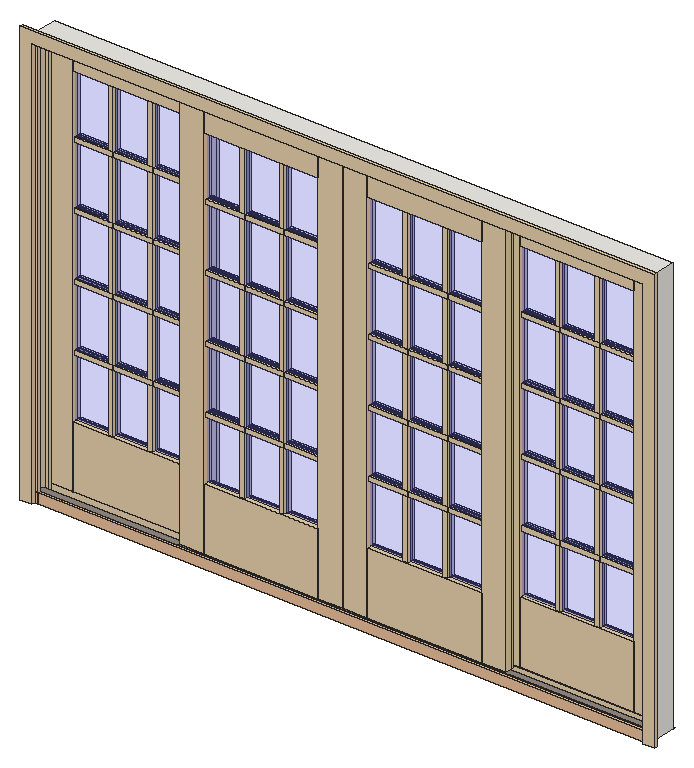
Revit family "Door-Gliding-Andersen-E_Series-Quad", category Doors, host Wall, Revit 2019 (continued)
Dimensions and locks (in)
  aligned and locked: plane 32 "T Casing 4" to curve 117
  aligned and locked: plane 13 "Casing S1" to curve 128
  aligned and locked: plane 10 "Flange" to curve 128
  aligned and locked: plane 54 "Frame S2 Ext" to curve 129
  aligned and locked: plane 9 "Frame S2" to curve 129
  aligned and locked: plane 20 "R Casing 4" to curve 128
  aligned and locked: plane 3 "R Frame" to curve 129
  aligned and locked: plane 13 "Casing S1" to curve 130
  aligned and locked: plane 10 "Flange" to curve 130
  aligned and locked: plane 54 "Frame S2 Ext" to curve 131
  aligned and locked: plane 9 "Frame S2" to curve 131
  aligned and locked: plane 4 "L Frame" to curve 131
  aligned and locked: plane 23 "L Casing 4" to curve 130
  aligned and locked: plane 13 "Casing S1" to curve 132
  aligned and locked: plane 10 "Flange" to curve 132
  aligned and locked: plane 9 "Frame S2" to curve 133
  aligned and locked: plane 5 "T Frame" to curve 133
  aligned and locked: plane 13 "Casing S1" to curve 4
  aligned and locked: plane 32 "T Casing 4" to curve 132
  aligned and locked: plane 4 "L Frame" to Masking region 8 sketch curve
  aligned and locked: plane 5 "T Frame" to Masking region 8 sketch curve
  aligned and locked: Masking region 8 sketch curve to plane 3 "R Frame"
Automatic sketch dimensions
  curve 15 to curve 17 = 0' - 0.988"
  curve 16 to curve 17 = 0' - 1.84113"
  curve 17 to curve 42 = 0' - 0 33/64"
  curve 19 to curve 45 = 0' - 2.0615"
  curve 43 to curve 21 = 0' - 0 1/2"
  curve 21 to curve 17 = 0' - 0 3/4"
  curve 43 to curve 17 = 0' - 0"
  curve 43 to curve 45 = 0' - 0.563"
  curve 42 to curve 42 = 0' - 0 5/8"
  curve 16 to curve 15 = 0' - 0 3/4"
  curve 46 to curve 15 = 0' - 1.08388"
  curve 22 to curve 21 = 0' - 0.21034"
  curve 34 to curve 36 = 0' - 0.988"
  curve 35 to curve 36 = 0' - 1.84113"
  curve 36 to curve 47 = 0' - 0 33/64"
  curve 38 to curve 50 = 0' - 2.0615"
  curve 48 to curve 40 = 0' - 0 1/2"
  curve 40 to curve 36 = 0' - 0 3/4"
  curve 48 to curve 36 = 0' - 0"
  curve 48 to curve 50 = 0' - 0.563"
  curve 47 to curve 47 = 0' - 0 5/8"
  curve 35 to curve 34 = 0' - 0 3/4"
  curve 51 to curve 34 = 0' - 1.08388"
  curve 41 to curve 40 = 0' - 0.21034"
  curve 54 to curve 52 = 0' - 0.988"
  curve 54 to curve 53 = 0' - 1.84113"
  curve 60 to curve 54 = 0' - 0 33/64"
  curve 63 to curve 56 = 0' - 2.0615"
  curve 58 to curve 61 = 0' - 0 1/2"
  curve 58 to curve 54 = 0' - 0 3/4"
  curve 61 to curve 54 = 0' - 0"
  curve 61 to curve 63 = 0' - 0.563"
  curve 60 to curve 60 = 0' - 0 5/8"
  curve 53 to curve 52 = 0' - 0 3/4"
  curve 64 to curve 52 = 0' - 1.08388"
  curve 58 to curve 59 = 0' - 0.21034"
  curve 29 to curve 85 = 0' - 0 1/2"
  curve 85 to curve 23 = 0' - 2.0615"
  curve 23 to curve 23 = 0' - 0 33/64"
  curve 24 to curve 25 = 0' - 2.21925"
  curve 25 to curve 30 = 0' - 0.39954"
  curve 25 to curve 87 = 0' - 0.60988"
  curve 26 to curve 83 = 0' - 0 1/8"
  curve 23 to curve 86 = 0' - 0.062"
  curve 26 to curve 26 = 0' - 0 3/4"
  curve 85 to curve 85 = 0' - 0.563"
  curve 25 to curve 87 = 0' - 0.33388"
  curve 28 to curve 87 = 0' - 0.41612"
  curve 81 to curve 90 = 0' - 0 1/2"
  curve 90 to curve 75 = 0' - 2.0615"
  curve 75 to curve 75 = 0' - 0 33/64"
  curve 76 to curve 77 = 0' - 2.21925"
  curve 77 to curve 82 = 0' - 0.39954"
  curve 77 to curve 92 = 0' - 0.60988"
  curve 78 to curve 88 = 0' - 0 1/8"
  curve 75 to curve 91 = 0' - 0.062"
  curve 78 to curve 78 = 0' - 0 3/4"
  curve 90 to curve 90 = 0' - 0.563"
  curve 77 to curve 92 = 0' - 0.33388"
  curve 80 to curve 92 = 0' - 0.41612"
  curve 67 to curve 68 = 0' - 0.65447"
  curve 68 to curve 70 = 0' - 1.31268"
  curve 71 to curve 65 = 0' - 1.82508"
  curve 65 to curve 65 = 0' - 1.05261"
  curve 93 to curve 71 = 0' - 0.06458"
  curve 65 to curve 65 = 0' - 0.05976"
  curve 65 to curve 73 = 0' - 0.13918"
  curve 71 to curve 71 = 0' - 0.12708"
  curve 71 to curve 72 = 0' - 0 1/8"
  curve 72 to curve 72 = 0' - 0.08478"
  curve 70 to curve 67 = 0' - 1.24271"
  curve 70 to curve 70 = 0' - 1.28489"
  curve 68 to curve 69 = 0' - 0.13398"
  curve 66 to curve 65 = 0' - 0.09649"
  curve 67 to curve 67 = 0' - 1 7/8"
  curve 72 to curve 95 = 0' - 1.60869"
  curve 69 to curve 94 = 0' - 1.21767"
  curve 9 to curve 67 = 0' - 0"
  curve 93 to curve 9 = 0' - 1 15/128"
  curve 93 to curve 9 = 0' - 0"
  curve 10 to curve 67 = 0' - 0"
  curve 8 to curve 66 = 0' - 0"
  curve 96 to curve 96 = 0' - 5 29/32"
  curve 97 to curve 97 = 0' - 5 29/32"
  curve 7 to curve 7 = 0' - 5 29/32"
  curve 103 to curve 104 = 0' - 0.65447"
  curve 104 to curve 106 = 0' - 1.31268"
  curve 107 to curve 101 = 0' - 1.82508"
  curve 101 to curve 101 = 0' - 1.05261"
  curve 111 to curve 107 = 0' - 0.06458"
  curve 101 to curve 101 = 0' - 0.05976"
  curve 101 to curve 109 = 0' - 0.13918"
  curve 107 to curve 107 = 0' - 0.12708"
  curve 107 to curve 108 = 0' - 0 1/8"
  curve 108 to curve 108 = 0' - 0.08478"
  curve 106 to curve 103 = 0' - 1.24271"
  curve 106 to curve 106 = 0' - 1.28489"
  curve 104 to curve 105 = 0' - 0.13398"
  curve 102 to curve 101 = 0' - 0.09649"
  curve 103 to curve 103 = 0' - 1 7/8"
  curve 108 to curve 113 = 0' - 1.60869"
  curve 105 to curve 112 = 0' - 1.21767"
  curve 99 to curve 103 = 0' - 0"
  curve 111 to curve 99 = 0' - 1 15/128"
  curve 111 to curve 99 = 0' - 0"
  curve 100 to curve 103 = 0' - 0"
  curve 98 to curve 102 = 0' - 0"
  Sweep 8 sketch curve to level = 0' - 0"  (x2)
  profile plane to Sweep 8 sketch curve = 0' - 0 3/4"
  profile plane to Sweep 12 sketch curve = 0' - 1.85627"
  Sweep 12 sketch curve to Sweep 12 sketch curve = 0' - 1.73369"
  Split face 1 sketch curve to Sweep 12 = 0' - 0"
  Split face 1 sketch curve to Sweep 12 = 0' - 1.83234"
  Split face 3 sketch curve to Sweep 10 = 0' - 0"  (x2)
  Split face 4 sketch curve to Sweep 10 = 0' - 0"
  Sweep 10 to Split face 4 sketch curve = 0' - 0"
  Sweep 10 to Split face 5 sketch curve = 0' - 0"
  Split face 5 sketch curve to Sweep 10 = 0' - 0"
  Split face 6 sketch curve to Sweep 10 = 0' - 0"  (x2)
  Split face 7 sketch curve to Sweep 8 = 0' - 0"
  Sweep 8 to Split face 7 sketch curve = 0' - 0"
  Sweep 8 to Split face 8 sketch curve = 0' - 0"  (x2)
  Split face 9 sketch curve to Sweep 8 = 0' - 0"  (x2)
  Split face 10 sketch curve to Sweep 8 = 0' - 0"
  Sweep 8 to Split face 10 sketch curve = 0' - 0"
  Split face 11 sketch curve to Sweep 8 = 0' - 0"  (x2)
  Split face 12 sketch curve to Sweep 8 = 0' - 0"  (x2)
  profile plane to Sweep 7 sketch curve = 0' - 1 3/8"
  profile plane to Sweep 7 sketch curve = 0' - 1.313"
  Sweep 7 sketch curve to plane 10 "Flange" = 0' - 4 1/16"
  profile plane to Sweep 7 sketch curve = 0' - 0.41612"
  plane 10 "Flange" to Sweep 7 sketch curve = 0' - 0.35575"
  Sweep 7 sketch curve to Sweep 7 sketch curve = 0' - 0.21034"
  curve 121 to plane 11 "Frame S1" = 0' - 0"
  curve 33 to plane 3 "R Frame" = 0' - 0"
  curve 12 to plane 3 "R Frame" = 0' - 0"
  curve 115 to plane 3 "R Frame" = 0' - 0"
  curve 33 to plane 36 "R Xjamb 1" = 0' - 0"
  curve 12 to plane 17 "R Casing 1" = 0' - 0 1/8"
  Sweep 9 sketch curve to profile plane = 0' - 0.09649"
  Sweep 9 sketch curve to plane 10 "Flange" = 0' - 3.94709"
  Sweep 9 sketch curve to profile plane = 0' - 0 5/32"
  Sweep 9 sketch curve to Sweep 9 sketch curve = 0' - 0.13918"
  Sweep 9 sketch curve to profile plane = 0' - 0.42251"
  Sweep 9 sketch curve to Sweep 9 sketch curve = 0' - 0 1/8"
  Sweep 9 sketch curve to profile plane = 0' - 0.63229"
  Sweep 9 sketch curve to Sweep 9 sketch curve = 0' - 1.28489"
  Sweep 9 sketch curve to Sweep 9 sketch curve = 0' - 0.13398"
  Sweep 9 sketch curve to Sweep 9 sketch curve = 0' - 1.31268"
  plane 10 "Flange" to Sweep 9 sketch curve = 0' - 0.40833"
  curve 32 to level = 0' - 0"
  curve 31 to level = 0' - 0"
  curve 119 to plane 46 "B Panel" = 0' - 0"
  curve 31 to plane 46 "B Panel" = 0' - 0"
  Sweep 13 sketch curve to profile plane = 0' - 0"
  Sweep 13 sketch curve to plane 10 "Flange" = 0' - 1.41675"
  Sweep 13 sketch curve to profile plane = 0' - 1.73369"
  plane 10 "Flange" to Sweep 13 sketch curve = 0' - 0 11/32"
  Sweep 13 sketch curve to Sweep 13 sketch curve = 0' - 0.12258"
  Split face 2 sketch curve to Sweep 13 = 0' - 0"
  Split face 2 sketch curve to Sweep 13 = 0' - 0 3/8"
  Split face 2 sketch curve to Split face 2 sketch curve = 0' - 1.83234"
  Split face 13 sketch curve to Sweep 7 = 0' - 0"
  Sweep 7 to Split face 13 sketch curve = 0' - 0"
  Split face 14 sketch curve to Sweep 7 = 0' - 0"  (x2)
  Split face 15 sketch curve to Sweep 7 = 0' - 0"  (x2)
  curve 116 to plane 10 "Flange" = 0' - 0"
  curve 14 to level = 0' - 0"
  curve 14 to plane 57 "Sill Interior" = 0' - 0"
  curve 14 to plane 58 "Sill Exterior" = 0' - 0"
  plane 30 "T Casing 2" to curve 1 = 0' - 0"
  curve 3 to plane 11 "Frame S1" = 0' - 0"
  curve 11 to plane 11 "Frame S1" = 0' - 0"
  plane 31 "T Casing 3" to curve 1 = 0' - 0"
  level to curve 119 = 0' - 0.29543"
Nested families (in)
  nested 1: "Gliding_Panel" at (42.8122, -0.25, 2.1562), Width <- "Panel Width", Height <- "Panel Height", Between Glass Grille Bar Finish <- "Between Glass Grille Bar Finish", Exterior Grille Bar Finish <- "Exterior Grille Bar Finish", Between Glass Grille Bar Visibility <- "Between Glass Grille Bar Visibility", Exterior Grille Bar Visibility <- "Exterior Grille Bar Visibility", Interior Grille Bar Visibility <- "Interior Grille Bar Visibility", . . Lights Wide <- ". . Lights Wide", . . Top Glass Lights High <- ". . Top Light Lights High", . . Bottom Glass Lights High <- ". . Bottom Light Lights High", . . .Lights Wide <- ". . .Lights Wide", . . .Lights High <- ". . .Lights High", . . .Bottom Bar Location <- ". . .Bottom Bar Location", . . .Bottom Bar Size <- ". . .Bottom Bar Size", Enter Pattern Number <- "Enter Pattern Number", Grille Bar Size <- "Grille Bar Size", Exterior Panel Finish <- "Exterior Panel Finish", Glazing <- "Glazing Material", Interior Material <- "Interior Material", type <- "Panel Type", Right Jamb Material <- "Exterior Panel Finish", Left Jamb Material <- "Exterior Panel Finish", type "SP2"
    with Width 2' - 7 1/4", VGB DLO 0' - 6.7084", V Bars 2, TS V DLO 5' - 0 3/16", TS V Bar Length 5' - 0 3/16", TS SH DLO 2' - 10 25/32", TS S V no, TS S H Craftsman no, TS S H no, TS M V yes, TS M H yes, TS HGB DLO 0' - 11.3375", TS H Bars 4, Right Jamb Material Aluminum - Andersen - Painted - White, Left Jamb Material Aluminum - Andersen - Painted - White, LW 3, Is Outswing no, Is Inswing no, Is Gliding no, Interior Material Wood - Andersen - Pine, Interior Grille Bar Visibility yes, Horizontal Craftsman Bar Size 0' - 0 7/8", Hinge "", Height 6' - 4 7/8", H DLO 1' - 9.8752", Grille Bar Size 0' - 0 7/8", Glazing Glass ‐ Andersen - Low-E4 SmartSun, Exterior Panel Finish Aluminum - Andersen - Painted - White, Exterior Grille Bar Visibility yes, Exterior Grille Bar Finish Aluminum - Andersen - Painted - White, Enter Pattern Number 1, CTRL Elevation Swing Visibility no, Between Glass Grille Bar Visibility yes, Between Glass Grille Bar Finish Stainless Steel - Andersen - Standard, BS V DLO 1' - 8 11/32", BS SH DLO 1' - 10 11/64", BS S V no, BS S H no, BS M V no, BS M H no, BS HGB DLO 0' - 5", BS H Bars 2, . . Top Glass Lights High 5, . . Lights Wide 3, . . Bottom Glass Lights High 2, . . .Lights Wide 3, . . .Lights High 1, . . .Bottom Bar Size 0' - 0 7/8", . . .Bottom Bar Location 1' - 0", Top Rail Size 0' - 4 11/16", Stile Size 0' - 4.6874", Middle Rail Size 0' - 5 5/16", Bottom Rail Size 1' - 0"
  nested 2: "Gliding_Panel" at (-15.625, -2.76125, 2.1562) x (-1, 0, 0) z (0, 0, 1), Width <- "Panel Width", Height <- "Panel Height", Between Glass Grille Bar Finish <- "Between Glass Grille Bar Finish", Exterior Grille Bar Finish <- "Exterior Grille Bar Finish", Between Glass Grille Bar Visibility <- "Between Glass Grille Bar Visibility", Exterior Grille Bar Visibility <- "Exterior Grille Bar Visibility", Interior Grille Bar Visibility <- "Interior Grille Bar Visibility", . . Lights Wide <- ". . Lights Wide", . . Top Glass Lights High <- ". . Top Light Lights High", . . Bottom Glass Lights High <- ". . Bottom Light Lights High", . . .Lights Wide <- ". . .Lights Wide", . . .Lights High <- ". . .Lights High", . . .Bottom Bar Location <- ". . .Bottom Bar Location", . . .Bottom Bar Size <- ". . .Bottom Bar Size", Enter Pattern Number <- "Enter Pattern Number", Grille Bar Size <- "Grille Bar Size", Is Gliding <- "Is Gliding", Exterior Panel Finish <- "Exterior Panel Finish", Glazing <- "Glazing Material", Interior Material <- "Interior Material", type <- "Panel Type", Left Jamb Material <- "Interior Material", Right Jamb Material <- "Interior Material", type "SP2"
    with Width 2' - 7 1/4", VGB DLO 0' - 6.7084", V Bars 2, TS V DLO 5' - 0 3/16", TS V Bar Length 5' - 0 3/16", TS SH DLO 2' - 10 25/32", TS S V no, TS S H Craftsman no, TS S H no, TS M V yes, TS M H yes, TS HGB DLO 0' - 11.3375", TS H Bars 4, Right Jamb Material Wood - Andersen - Pine, Left Jamb Material Wood - Andersen - Pine, LW 3, Is Outswing no, Is Inswing no, Is Gliding yes, Interior Material Wood - Andersen - Pine, Interior Grille Bar Visibility yes, Horizontal Craftsman Bar Size 0' - 0 7/8", Hinge "", Height 6' - 4 7/8", H DLO 1' - 9.8752", Grille Bar Size 0' - 0 7/8", Glazing Glass ‐ Andersen - Low-E4 SmartSun, Exterior Panel Finish Aluminum - Andersen - Painted - White, Exterior Grille Bar Visibility yes, Exterior Grille Bar Finish Aluminum - Andersen - Painted - White, Enter Pattern Number 1, CTRL Elevation Swing Visibility no, Between Glass Grille Bar Visibility yes, Between Glass Grille Bar Finish Stainless Steel - Andersen - Standard, BS V DLO 1' - 8 11/32", BS SH DLO 1' - 10 11/64", BS S V no, BS S H no, BS M V no, BS M H no, BS HGB DLO 0' - 5", BS H Bars 2, . . Top Glass Lights High 5, . . Lights Wide 3, . . Bottom Glass Lights High 2, . . .Lights Wide 3, . . .Lights High 1, . . .Bottom Bar Size 0' - 0 7/8", . . .Bottom Bar Location 1' - 0", Top Rail Size 0' - 4 11/16", Stile Size 0' - 4.6874", Middle Rail Size 0' - 5 5/16", Bottom Rail Size 1' - 0"
  nested 3: "Gliding_Panel" at (-42.8125, -0.25, 2.1562) x (-1, 0, 0) z (0, 0, 1), Width <- "Panel Width", Height <- "Panel Height", Between Glass Grille Bar Finish <- "Between Glass Grille Bar Finish", Exterior Grille Bar Finish <- "Exterior Grille Bar Finish", Between Glass Grille Bar Visibility <- "Between Glass Grille Bar Visibility", Exterior Grille Bar Visibility <- "Exterior Grille Bar Visibility", Interior Grille Bar Visibility <- "Interior Grille Bar Visibility", . . Lights Wide <- ". . Lights Wide", . . Top Glass Lights High <- ". . Top Light Lights High", . . Bottom Glass Lights High <- ". . Bottom Light Lights High", . . .Lights Wide <- ". . .Lights Wide", . . .Lights High <- ". . .Lights High", . . .Bottom Bar Location <- ". . .Bottom Bar Location", . . .Bottom Bar Size <- ". . .Bottom Bar Size", Enter Pattern Number <- "Enter Pattern Number", Grille Bar Size <- "Grille Bar Size", Exterior Panel Finish <- "Exterior Panel Finish", Glazing <- "Glazing Material", Interior Material <- "Interior Material", type <- "Panel Type", Right Jamb Material <- "Exterior Panel Finish", Left Jamb Material <- "Exterior Panel Finish", type "SP2"
    with Width 2' - 7 1/4", VGB DLO 0' - 6.7084", V Bars 2, TS V DLO 5' - 0 3/16", TS V Bar Length 5' - 0 3/16", TS SH DLO 2' - 10 25/32", TS S V no, TS S H Craftsman no, TS S H no, TS M V yes, TS M H yes, TS HGB DLO 0' - 11.3375", TS H Bars 4, Right Jamb Material Aluminum - Andersen - Painted - White, Left Jamb Material Aluminum - Andersen - Painted - White, LW 3, Is Outswing no, Is Inswing no, Is Gliding no, Interior Material Wood - Andersen - Pine, Interior Grille Bar Visibility yes, Horizontal Craftsman Bar Size 0' - 0 7/8", Hinge "", Height 6' - 4 7/8", H DLO 1' - 9.8752", Grille Bar Size 0' - 0 7/8", Glazing Glass ‐ Andersen - Low-E4 SmartSun, Exterior Panel Finish Aluminum - Andersen - Painted - White, Exterior Grille Bar Visibility yes, Exterior Grille Bar Finish Aluminum - Andersen - Painted - White, Enter Pattern Number 1, CTRL Elevation Swing Visibility no, Between Glass Grille Bar Visibility yes, Between Glass Grille Bar Finish Stainless Steel - Andersen - Standard, BS V DLO 1' - 8 11/32", BS SH DLO 1' - 10 11/64", BS S V no, BS S H no, BS M V no, BS M H no, BS HGB DLO 0' - 5", BS H Bars 2, . . Top Glass Lights High 5, . . Lights Wide 3, . . Bottom Glass Lights High 2, . . .Lights Wide 3, . . .Lights High 1, . . .Bottom Bar Size 0' - 0 7/8", . . .Bottom Bar Location 1' - 0", Top Rail Size 0' - 4 11/16", Stile Size 0' - 4.6874", Middle Rail Size 0' - 5 5/16", Bottom Rail Size 1' - 0"
  nested 4: "Gliding_Panel" at (15.625, -2.76125, 2.1562), Width <- "Panel Width", Height <- "Panel Height", Between Glass Grille Bar Finish <- "Between Glass Grille Bar Finish", Exterior Grille Bar Finish <- "Exterior Grille Bar Finish", Between Glass Grille Bar Visibility <- "Between Glass Grille Bar Visibility", Exterior Grille Bar Visibility <- "Exterior Grille Bar Visibility", Interior Grille Bar Visibility <- "Interior Grille Bar Visibility", . . Lights Wide <- ". . Lights Wide", . . Top Glass Lights High <- ". . Top Light Lights High", . . Bottom Glass Lights High <- ". . Bottom Light Lights High", . . .Lights Wide <- ". . .Lights Wide", . . .Lights High <- ". . .Lights High", . . .Bottom Bar Location <- ". . .Bottom Bar Location", . . .Bottom Bar Size <- ". . .Bottom Bar Size", Enter Pattern Number <- "Enter Pattern Number", Grille Bar Size <- "Grille Bar Size", Is Gliding <- "Is Gliding", Exterior Panel Finish <- "Exterior Panel Finish", Glazing <- "Glazing Material", Interior Material <- "Interior Material", type <- "Panel Type", Right Jamb Material <- "Interior Material", Left Jamb Material <- "Interior Material", type "SP2"
    with Width 2' - 7 1/4", VGB DLO 0' - 6.7084", V Bars 2, TS V DLO 5' - 0 3/16", TS V Bar Length 5' - 0 3/16", TS SH DLO 2' - 10 25/32", TS S V no, TS S H Craftsman no, TS S H no, TS M V yes, TS M H yes, TS HGB DLO 0' - 11.3375", TS H Bars 4, Right Jamb Material Wood - Andersen - Pine, Left Jamb Material Wood - Andersen - Pine, LW 3, Is Outswing no, Is Inswing no, Is Gliding yes, Interior Material Wood - Andersen - Pine, Interior Grille Bar Visibility yes, Horizontal Craftsman Bar Size 0' - 0 7/8", Hinge "", Height 6' - 4 7/8", H DLO 1' - 9.8752", Grille Bar Size 0' - 0 7/8", Glazing Glass ‐ Andersen - Low-E4 SmartSun, Exterior Panel Finish Aluminum - Andersen - Painted - White, Exterior Grille Bar Visibility yes, Exterior Grille Bar Finish Aluminum - Andersen - Painted - White, Enter Pattern Number 1, CTRL Elevation Swing Visibility no, Between Glass Grille Bar Visibility yes, Between Glass Grille Bar Finish Stainless Steel - Andersen - Standard, BS V DLO 1' - 8 11/32", BS SH DLO 1' - 10 11/64", BS S V no, BS S H no, BS M V no, BS M H no, BS HGB DLO 0' - 5", BS H Bars 2, . . Top Glass Lights High 5, . . Lights Wide 3, . . Bottom Glass Lights High 2, . . .Lights Wide 3, . . .Lights High 1, . . .Bottom Bar Size 0' - 0 7/8", . . .Bottom Bar Location 1' - 0", Top Rail Size 0' - 4 11/16", Stile Size 0' - 4.6874", Middle Rail Size 0' - 5 5/16", Bottom Rail Size 1' - 0"
Definition of nested family "Gliding_Panel"
  Parameters
    URL = "www.eaglewindow.com"
    Right Jamb Material [instance] = none
    Model = "E-Series Doors"  # constant formula
    Manufacturer = "Andersen Corporation"  # constant formula
    Left Jamb Material [instance] = none
    Is Gliding [instance] = no
    Interior Material [instance] = none
    Hinge [instance] = ""
    Grille Bar Sizes = "5/8'', 7/8'', 1 1/8'', 1 1/2'', 2 1/4''"  # constant formula
    Glazing [instance] = none
    Exterior Panel Finish [instance] = none
    Description = "Aluminum-Clad Wood Doors"  # constant formula
    CTRL Elevation Swing Visibility [instance] = or(Is Outswing, Is Inswing)  # no
    Between Glass Grille Bar Sizes = "5/8'', 1''"  # constant formula
    Grille Bar Size [instance] = 0' - 0 7/8"
    Enter Pattern Number [instance] = 1
    Pattern Number 1 = "Traditional"  # constant formula
    Pattern Number 2 = "Traditional Top Light Only"  # constant formula
    Analytic Construction = "<None>"
    . . Lights Wide [instance] = 3
    . . Top Glass Lights High [instance] = 3
    . . Bottom Glass Lights High [instance] = 4
    Pattern Number 3 = "Praire Each Light"  # constant formula
    Pattern Number 4 = "Praire Top Light Only"  # constant formula
    Pattern Number 5 = "Praire Overall"  # constant formula
    Pattern Number 6 = "Craftsman"  # constant formula
    . . .Lights Wide [instance] = 3
    . . .Lights High [instance] = 1
    . . .Bottom Bar Location [instance] = 1' - 6"
    . . .Bottom Bar Size [instance] = 0' - 0 7/8"
    Interior Grille Bar Visibility [instance] = yes
    Exterior Grille Bar Visibility [instance] = yes
    Between Glass Grille Bar Visibility [instance] = yes
    Width [instance] = 2' - 10 3/4"
    VGB DLO [instance] = if(or(Enter Pattern Number = 3, or(Enter Pattern Number = 4, Enter Pattern Number = 5)), 0' 5", (H DLO - (Grille Bar Size * (V Bars))) / if(LW > 2, LW, 3))  # 0' - 9.16667"
    V Bars [instance] = if(LW > 2, LW - 1, 2)  # 2
    Type Comments = "Aluminum-Clad Wood"
    Top Rail Size = 0' - 2 3/4"
    Thickness = 0' - 1 3/4"
    TS V DLO [instance] = if(Has Middle Rail, Height - Top Rail Size - Middle Rail Size - Middle Rail Offset, Height - Bottom Rail Size - Top Rail Size)  # 6' - 6 1/2"
    TS V Bar Length [instance] = if(Enter Pattern Number = 6, . . .Bottom Bar Location - Top Rail Size - (. . .Bottom Bar Size / 2), TS V DLO)  # 6' - 6 1/2"
    TS SH DLO [instance] = if(Enter Pattern Number = 5, Top Rail Size + 0' 5" + (Grille Bar Size / 2), if(Enter Pattern Number = 6, . . .Bottom Bar Location, (TS V DLO / 2) + Top Rail Size))  # 3' - 6"
    TS S V [instance] = LW = 2  # no
    TS S H Craftsman [instance] = and(Enter Pattern Number = 6, . . .Lights High = 2)  # no
    TS S H [instance] = or(or(and(. . Top Glass Lights High = 2, or(or(or(Enter Pattern Number = 5, Enter Pattern Number = 6), Enter Pattern Number = 1), Enter Pattern Number = 2)), Enter Pattern Number = 6), Enter Pattern Number = 5)  # no
    TS M V [instance] = or(or(or(or(or(and(LW > 2, Enter Pattern Number = 1), and(LW > 2, Enter Pattern Number = 2)), Enter Pattern Number = 3), Enter Pattern Number = 4), Enter Pattern Number = 5), and(LW > 2, Enter Pattern Number = 6))  # yes
    TS M H [instance] = or(or(or(and(. . Top Glass Lights High > 2, Enter Pattern Number = 1), and(. . Top Glass Lights High > 2, Enter Pattern Number = 2), Enter Pattern Number = 3), Enter Pattern Number = 4), and(. . .Lights High > 2, Enter Pattern Number = 6))  # yes
    TS HGB DLO [instance] = if(or(Enter Pattern Number = 3, Enter Pattern Number = 4), 0' 5", if(and(Enter Pattern Number = 6, . . .Lights High > 2), (TS V Bar Length - (Grille Bar Size * (. . .Lights High - 1))) / . . .Lights High, if(. . Top Glass Lights High > 2, (TS V Bar Length - (. . .Bottom Bar Size * (. . Top Glass Lights High - 1))) / . . Top Glass Lights High, 0' 5")))  # 2' - 1.58333"
    TS H Bars [instance] = if(or(Enter Pattern Number = 3, Enter Pattern Number = 4), 2, if(and(Enter Pattern Number = 6, . . .Lights High > 2), . . .Lights High - 1, if(. . Top Glass Lights High > 2, . . Top Glass Lights High - 1, 2)))  # 2
    LW [instance] = if(or(Enter Pattern Number = 1, Enter Pattern Number = 2), . . Lights Wide, if(Enter Pattern Number = 6, . . .Lights Wide, 3))  # 3
    Horizontal Craftsman Bar Size [instance] = if(Enter Pattern Number = 6, . . .Bottom Bar Size, Grille Bar Size)  # 0' - 0 7/8"
    Stile Size = 0' - 2 3/4"
    Middle Rail Size = 0' - 2 3/4"
    Middle Rail Offset = 2' - 8 11/32"
    Is Outswing [instance] = no
    Is Inswing [instance] = no
    Height [instance] = 7' - 0"
    No Middle Rail = not(Has Middle Rail)  # yes
    Has Middle Rail = 1 = 0  # no
    H DLO [instance] = Width - (2 * Stile Size)  # 2' - 5 1/4"
    Family Version = "06.01.14"  # constant formula
    Exterior Grille Bar Finish [instance] = none
    Bottom Rail Size = 0' - 2 3/4"
    Between Glass Grille Bar Finish [instance] = none
    BS V DLO [instance] = Middle Rail Offset - Bottom Rail Size  # 2' - 5 19/32"
    BS SH DLO [instance] = if(Enter Pattern Number = 5, Bottom Rail Size + 0' 5" + (Grille Bar Size / 2), (BS V DLO / 2) + Bottom Rail Size)  # 1' - 5 35/64"
    BS S V [instance] = and(and(LW = 2, Enter Pattern Number = 1), Has Middle Rail)  # no
    BS S H [instance] = or(and(. . Bottom Glass Lights High = 2, Enter Pattern Number = 1, Has Middle Rail), Enter Pattern Number = 5)  # no
    BS M V [instance] = and(or(or(and(LW > 2, Enter Pattern Number = 1), Enter Pattern Number = 3), Enter Pattern Number = 5), Has Middle Rail)  # no
    BS M H [instance] = and(or(and(. . Bottom Glass Lights High > 2, Enter Pattern Number = 1), Enter Pattern Number = 3), Has Middle Rail)  # no
    BS HGB DLO [instance] = if(. . Bottom Glass Lights High > 2, if(Enter Pattern Number = 3, 0' 5", (BS V DLO - (Grille Bar Size * (. . Bottom Glass Lights High - 1))) / . . Bottom Glass Lights High), 0' 5")  # 0' - 6 95/128"
    BS H Bars [instance] = if(Enter Pattern Number = 3, 2, if(. . Bottom Glass Lights High > 2, . . Bottom Glass Lights High - 1, 2))  # 3
    Appear In Schedule = 0 = 1  # no
  Reference planes (in)
    plane 1 "Center (Front/Back)": y = 0
    plane 2 "Bottom": z = 0
    plane 3 "Center (Left/Right)": x = 0
    plane 4 "Panel S1": y = 0.875
    plane 5 "Panel S2": y = -0.875
    plane 6 "Left": x = -17.375
    plane 7 "Right": x = 17.375
    plane 8 "Top": z = 84
    plane 9 "Center (Elevation)": z = 42
    plane 10 "Right of Left Side": x = -14.625
    plane 11 "Left of Right Side": x = 14.625
    plane 12 "Top of Bottom Rail": z = 2.75
    plane 13 "Bottom of Top Rail": z = 81.25
    plane 14 "Bottom of Middle Rail": z = 32.34375
    plane 15 "Top of Middle Rail": z = 35.09375
    plane 16 "Glass S4": y = -0.25
    plane 17 "Glass S1": y = 0.5
    plane 18 "Glass S3": y = -0.125
    plane 19 "Glass S2": y = 0.375
    plane 20 "B DLO": z = 2.75
    plane 21 "Sliding Elevation": x = -5.7729
  Forms (in)
    Sweep 1, solid, material <- "Exterior Panel Finish"
      path origin (0, 0, 0) x (1, 0, 0) y (0, 0, 1)
        loop
          line (0, 84) -> (0, 0)
      profile origin (0, 0, 42) x (0, -1, 0) y (1, 0, 0)
        loop
          line (-0.875, -17.375) -> (-0.5, -17.375) -> (-0.5, -14.625) -> (-0.875, -14.625) -> (-0.875, -17.375)
        loop
          line (-0.875, 17.375) -> (-0.875, 14.625) -> (-0.5, 14.625) -> (-0.5, 17.375) -> (-0.875, 17.375)
    Sweep 2, solid, material <- "Exterior Panel Finish"
      path origin (0, 0, 0) x (1, 0, 0) y (0, 0, 1)
        loop
          line (-14.625, 2.75) -> (14.625, 2.75)
      profile origin (0, 0, 2.75) x (0, 0, 1) y (0, -1, 0)
        loop
          line (0, -0.875) -> (0, -0.5) -> (-2.75, -0.5) -> (-2.75, -0.875) -> (0, -0.875)
        loop
          line (78.5, -0.5) -> (78.5, -0.875) -> (81.25, -0.875) -> (81.25, -0.5) -> (78.5, -0.5)
    Sweep 3, solid, material <- "Interior Material"
      path origin (0, 0, 0) x (1, 0, 0) y (0, 0, 1)
        loop
          line (0, 84) -> (0, 0)
      profile origin (0, 0, 42) x (0, -1, 0) y (1, 0, 0)
        loop
          line (0.875, 17.375) -> (-0.5, 17.375) -> (-0.5, 14.625) -> (0.875, 14.625) -> (0.875, 17.375)
        loop
          line (0.875, -14.625) -> (-0.5, -14.625) -> (-0.5, -17.375) -> (0.875, -17.375) -> (0.875, -14.625)
    Sweep 4, solid, material <- "Interior Material"
      path origin (0, 0, 0) x (1, 0, 0) y (0, 0, 1)
        loop
          line (-14.625, 35.09375) -> (14.625, 35.09375)
      profile origin (0, 0, 35.09375) x (0, 0, 1) y (0, -1, 0)
        loop
          line (48.90625, 0.875) -> (46.15625, 0.875) -> (46.15625, -0.5) -> (48.90625, -0.5) -> (48.90625, 0.875)
        loop
          line (-32.34375, 0.875) -> (-35.09375, 0.875) -> (-35.09375, -0.5) -> (-32.34375, -0.5) -> (-32.34375, 0.875)
    Sweep 5, solid, material <- "Glazing"
      path origin (0, 0, 0) x (1, 0, 0) y (0, 0, 1)
        loop
          line (0, 81.25) -> (0, 2.75)
      profile origin (0, 0, 42) x (0, -1, 0) y (1, 0, 0)
        loop
          line (-0.5, 14.625) -> (-0.5, -14.625) -> (0.25, -14.625) -> (0.25, 14.625) -> (-0.5, 14.625)
    Sweep 6, solid, material <- "Exterior Panel Finish", visible <- "Has Middle Rail"
      path origin (0, 0, 0) x (1, 0, 0) y (0, 0, 1)
        loop
          line (-14.625, 35.09375) -> (14.625, 35.09375)
      profile origin (0, 0, 35.09375) x (0, 0, 1) y (0, -1, 0)
        loop
          line (0, -0.875) -> (0, -0.5) -> (-2.75, -0.5) -> (-2.75, -0.875) -> (0, -0.875)
    Sweep 7, solid, material <- "Interior Material", visible <- "Has Middle Rail"
      path origin (0, 0, 0) x (1, 0, 0) y (0, 0, 1)
        loop
          line (-14.625, 35.09375) -> (14.625, 35.09375)
      profile origin (0, 0, 35.09375) x (0, 0, 1) y (0, -1, 0)
        loop
          line (0, -0.5) -> (0, 0.875) -> (-2.75, 0.875) -> (-2.75, -0.5) -> (0, -0.5)
  Lines and regions (in)
    Masking region 1
      outline origin (0, 0, 0) x (1, 0, 0) y (0, 1, 0)
        loop
          line (17.375, 0.875) -> (-17.375, 0.875) -> (-17.375, -0.875) -> (17.375, -0.875) -> (17.375, 0.875)
    Masking region 2
      outline origin (0, 0, 0) x (0, 1, 0) y (0, 0, 1)
        loop
          line (0.875, 84) -> (-0.875, 84) -> (-0.875, 0) -> (0.875, 0) -> (0.875, 84)
    Masking region 3
      outline origin (0, 0, 0) x (1, 0, 0) y (0, 0, 1)
        loop
          line (17.375, 84) -> (-17.375, 84) -> (-17.375, 0) -> (17.375, 0) -> (17.375, 84)
    symbolic lines
      curve 1: line (14.625, 0, 81.25) -> (-14.625, 0, 81.25)
      curve 6: line (-14.625, 0, 2.75) -> (14.625, 0, 2.75)
      curve 19: line (0, -0.25, 2.75) -> (0, -0.25, 32.34375)
      curve 20: line (0, 0.5, 2.75) -> (0, 0.5, 32.34375)
      curve 21: line (0, -0.25, 34.46875) -> (0, -0.25, 81.25)
      curve 22: line (0, 0.5, 34.46875) -> (0, 0.5, 81.25)
      curve 60: line (0, 0.875, 2.48437) -> (0, 0.78125, 2.48437)
      curve 61: line (0, 0.78125, 2.48437) -> (0, 0.64063, 2.75)
      curve 62: line (0, 0.64063, 2.75) -> (0, 0.5, 2.75)
      curve 63: line (0, 0.5, 2.75) -> (0, 0.5, 2.125)
      curve 64: line (0, -0.875, 2.125) -> (0, 0.5, 2.125)
      curve 65: line (0, -0.75, 2.65625) -> (0, -0.75, 2.125)
      curve 66: line (0, -0.25, 2.75) -> (0, -0.75, 2.65625)
      curve 67: line (0, -0.25, 2.125) -> (0, -0.25, 2.75)
      curve 93: line (0, 0.875, 81.51562) -> (0, 0.78125, 81.51562)
      curve 94: line (0, 0.78125, 81.51562) -> (0, 0.64062, 81.25)
      curve 95: line (0, 0.64062, 81.25) -> (0, 0.5, 81.25)
      curve 96: line (0, 0.5, 81.25) -> (0, 0.5, 81.875)
      curve 97: line (0, -0.875, 81.875) -> (0, 0.5, 81.875)
      curve 98: line (0, -0.75, 81.34375) -> (0, -0.75, 81.875)
      curve 99: line (0, -0.25, 81.25) -> (0, -0.75, 81.34375)
      curve 100: line (0, -0.25, 81.875) -> (0, -0.25, 81.25)
    symbolic lines, detail levels medium+fine
      curve 2: line (14.625, 0, 0) -> (14.625, 0, 84)
      curve 4: line (-14.625, 0, 84) -> (-14.625, 0, 0)
      curve 23: line (-14.625, 0.5, 0) -> (14.625, 0.5, 0)
      curve 24: line (14.625, -0.25, 0) -> (-14.625, -0.25, 0)
    symbolic lines, visible <- "Has Middle Rail"
      curve 3: line (-14.625, 0, 35.09375) -> (14.625, 0, 35.09375)
      curve 5: line (14.625, 0, 32.34375) -> (-14.625, 0, 32.34375)
      curve 82: line (0, 0.875, 34.82812) -> (0, 0.78125, 34.82812)
      curve 83: line (0, 0.78125, 34.82812) -> (0, 0.64062, 35.09375)
      curve 84: line (0, 0.64062, 35.09375) -> (0, 0.5, 35.09375)
      curve 85: line (0, 0.5, 35.09375) -> (0, 0.5, 34.46875)
      curve 86: line (0, -0.875, 34.46875) -> (0, 0.5, 34.46875)
      curve 87: line (0, -0.75, 35) -> (0, -0.75, 34.46875)
      curve 88: line (0, -0.25, 35.09375) -> (0, -0.75, 35)
      curve 89: line (0, -0.25, 34.46875) -> (0, -0.25, 35.09375)
      curve 104: line (0, 0.875, 32.60937) -> (0, 0.78125, 32.60937)
      curve 105: line (0, 0.78125, 32.60937) -> (0, 0.64062, 32.34375)
      curve 106: line (0, 0.64062, 32.34375) -> (0, 0.5, 32.34375)
      curve 107: line (0, 0.5, 32.34375) -> (0, 0.5, 32.96875)
      curve 108: line (0, -0.875, 32.96875) -> (0, 0.5, 32.96875)
      curve 109: line (0, -0.75, 32.4375) -> (0, -0.75, 32.96875)
      curve 110: line (0, -0.25, 32.34375) -> (0, -0.75, 32.4375)
      curve 111: line (0, -0.25, 32.96875) -> (0, -0.25, 32.34375)
    symbolic lines, visible <- "Is Outswing"
      curve 7: line (17.375, 0.875, 0) -> (17.375, 35.625, 0)
      curve 8: arc (-17.375, 0.875, 0) -> (-6.90927, 25.15927, 0) -> (17.375, 35.625, 0) r 35.7816
    symbolic lines, visible <- "Is Inswing"
      curve 9: line (17.375, -0.875, 0) -> (17.375, -35.625, 0)
      curve 10: arc (-17.375, -0.875, 0) -> (-7.19696, -25.44696, 0) -> (17.375, -35.625, 0) r 34.75
    symbolic lines, visible <- "CTRL Elevation Swing Visibility"
      curve 11: line (-17.375, 0, 84) -> (17.375, 0, 42)
      curve 12: line (17.375, 0, 42) -> (-17.375, 0, 0)
    symbolic lines, detail levels fine
      curve 13: line (0, -0.125, 81.25) -> (0, -0.125, 34.46875)
      curve 14: line (0, 0.375, 81.25) -> (0, 0.375, 34.46875)
      curve 15: line (0, -0.125, 32.34375) -> (0, -0.125, 2.75)
      curve 16: line (0, 0.375, 32.34375) -> (0, 0.375, 2.75)
      curve 17: line (-14.625, -0.125, 0) -> (14.625, -0.125, 0)
      curve 18: line (-14.625, 0.375, 0) -> (14.625, 0.375, 0)
      curve 25: line (14.89063, 0.875, 0) -> (14.89063, 0.78125, 0)
      curve 26: line (14.89063, 0.78125, 0) -> (14.625, 0.64062, 0)
      curve 27: line (14.625, 0.64062, 0) -> (14.625, 0.5, 0)
      curve 28: line (14.625, 0.5, 0) -> (15.25, 0.5, 0)
      curve 29: line (15.25, 0.5, 0) -> (15.25, -0.875, 0)
      curve 30: line (15.25, -0.25, 0) -> (14.625, -0.25, 0)
      curve 31: line (14.625, -0.25, 0) -> (14.71875, -0.75, 0)
      curve 32: line (14.71875, -0.75, 0) -> (15.25, -0.75, 0)
      curve 41: line (-14.89063, 0.875, 0) -> (-14.89063, 0.78125, 0)
      curve 42: line (-14.89063, 0.78125, 0) -> (-14.625, 0.64062, 0)
      curve 43: line (-14.625, 0.64062, 0) -> (-14.625, 0.5, 0)
      curve 44: line (-14.625, 0.5, 0) -> (-15.25, 0.5, 0)
      curve 45: line (-15.25, 0.5, 0) -> (-15.25, -0.875, 0)
      curve 46: line (-15.25, -0.25, 0) -> (-14.625, -0.25, 0)
      curve 47: line (-14.625, -0.25, 0) -> (-14.71875, -0.75, 0)
      curve 48: line (-14.71875, -0.75, 0) -> (-15.25, -0.75, 0)
      curve 49: line (14.625, 0.375, 0) -> (15.25, 0.375, 0)
      curve 50: line (14.625, -0.125, 0) -> (15.25, -0.125, 0)
      curve 51: line (14.75, -0.125, 0) -> (14.75, 0.375, 0)
      curve 55: line (-14.625, 0.375, 0) -> (-15.25, 0.375, 0)
      curve 56: line (-14.625, -0.125, 0) -> (-15.25, -0.125, 0)
      curve 57: line (-14.75, -0.125, 0) -> (-14.75, 0.375, 0)
      curve 68: line (0, -0.125, 2.75) -> (0, -0.125, 2.125)
      curve 69: line (0, -0.125, 2.625) -> (0, 0.375, 2.625)
      curve 70: line (0, 0.375, 2.75) -> (0, 0.375, 2.125)
      curve 101: line (0, -0.125, 81.25) -> (0, -0.125, 81.875)
      curve 102: line (0, -0.125, 81.375) -> (0, 0.375, 81.375)
      curve 103: line (0, 0.375, 81.25) -> (0, 0.375, 81.875)
    symbolic lines, not visible, detail levels fine
      curve 33: line (9.54443, 3.16951, 0) -> (9.54443, 3.07576, 0)
      curve 34: line (9.54443, 3.07576, 0) -> (9.2788, 2.93514, 0)
      curve 35: line (9.2788, 2.93514, 0) -> (9.2788, 2.79451, 0)
      curve 36: line (9.2788, 2.79451, 0) -> (9.9038, 2.79451, 0)
      curve 37: line (9.9038, 2.79451, 0) -> (9.9038, 1.41951, 0)
      curve 38: line (9.9038, 2.04451, 0) -> (9.2788, 2.04451, 0)
      curve 39: line (9.2788, 2.04451, 0) -> (9.37255, 1.54451, 0)
      curve 40: line (9.37255, 1.54451, 0) -> (9.9038, 1.54451, 0)
      curve 52: line (9.2788, 2.66951, 0) -> (9.9038, 2.66951, 0)
      curve 53: line (9.2788, 2.16951, 0) -> (9.9038, 2.16951, 0)
      curve 54: line (9.4038, 2.16951, 0) -> (9.4038, 2.66951, 0)
      curve 79: line (0, 6.94392, 10.7869) -> (0, 6.94392, 10.1619)
      curve 80: line (0, 6.94392, 10.6619) -> (0, 7.44392, 10.6619)
      curve 81: line (0, 7.44392, 10.7869) -> (0, 7.44392, 10.1619)
    symbolic lines, detail levels medium
      curve 58: line (-14.625, 0.875, 0) -> (-14.625, -0.875, 0)
      curve 59: line (14.625, 0.875, 0) -> (14.625, -0.875, 0)
    symbolic lines, not visible
      curve 71: line (0, 7.94392, 10.52128) -> (0, 7.85017, 10.52128)
      curve 72: line (0, 7.85017, 10.52128) -> (0, 7.70954, 10.7869)
      curve 73: line (0, 7.70954, 10.7869) -> (0, 7.56892, 10.7869)
      curve 74: line (0, 7.56892, 10.7869) -> (0, 7.56892, 10.1619)
      curve 75: line (0, 6.19392, 10.1619) -> (0, 7.56892, 10.1619)
      curve 76: line (0, 6.31892, 10.69315) -> (0, 6.31892, 10.1619)
      curve 77: line (0, 6.81892, 10.7869) -> (0, 6.31892, 10.69315)
      curve 78: line (0, 6.81892, 10.1619) -> (0, 6.81892, 10.7869)
    symbolic lines, visible <- "Has Middle Rail", detail levels fine
      curve 90: line (0, -0.125, 35.09375) -> (0, -0.125, 34.46875)
      curve 91: line (0, -0.125, 34.96875) -> (0, 0.375, 34.96875)
      curve 92: line (0, 0.375, 35.09375) -> (0, 0.375, 34.46875)
      curve 112: line (0, -0.125, 32.34375) -> (0, -0.125, 32.96875)
      curve 113: line (0, -0.125, 32.46875) -> (0, 0.375, 32.46875)
      curve 114: line (0, 0.375, 32.34375) -> (0, 0.375, 32.96875)
    symbolic lines, visible <- "Has Middle Rail", not visible
      curve 115: line (0, 7.94392, 10.52128) -> (0, 7.85017, 10.52128)
      curve 116: line (0, 7.85017, 10.52128) -> (0, 7.70954, 10.7869)
      curve 117: line (0, 7.70954, 10.7869) -> (0, 7.56892, 10.7869)
      curve 118: line (0, 7.56892, 10.7869) -> (0, 7.56892, 10.1619)
      curve 119: line (0, 6.19392, 10.1619) -> (0, 7.56892, 10.1619)
      curve 120: line (0, 6.31892, 10.69315) -> (0, 6.31892, 10.1619)
      curve 121: line (0, 6.81892, 10.7869) -> (0, 6.31892, 10.69315)
      curve 122: line (0, 6.81892, 10.1619) -> (0, 6.81892, 10.7869)
    symbolic lines, visible <- "Has Middle Rail", not visible, detail levels fine
      curve 123: line (0, 6.94392, 10.7869) -> (0, 6.94392, 10.1619)
      curve 124: line (0, 6.94392, 10.6619) -> (0, 7.44392, 10.6619)
      curve 125: line (0, 7.44392, 10.7869) -> (0, 7.44392, 10.1619)
    symbolic lines, visible <- "No Middle Rail"
      curve 126: line (0, -0.25, 32.34375) -> (0, -0.25, 35.09375)
      curve 127: line (0, 0.5, 32.34375) -> (0, 0.5, 35.09375)
    symbolic lines, visible <- "No Middle Rail", detail levels fine
      curve 128: line (0, 0.375, 35.09375) -> (0, 0.375, 32.34375)
      curve 129: line (0, -0.125, 35.09375) -> (0, -0.125, 32.34375)
    symbolic lines, detail levels coarse
      curve 130: line (14.625, 0, 81.25) -> (14.625, 0, 35.09375)
      curve 131: line (-14.625, 0, 81.25) -> (-14.625, 0, 35.09375)
      curve 132: line (-14.625, 0, 35.09375) -> (-14.625, 0, 2.75)
      curve 133: line (14.625, 0, 35.09375) -> (14.625, 0, 2.75)
    symbolic lines, visible <- "Is Gliding"
      curve 134: line (-12.72944, 0, 42) -> (-5.7729, 0, 42)
      curve 135: line (-5.7729, 0, 42) -> (-8.47029, 0, 44.11046)
      curve 136: line (-5.7729, 0, 42) -> (-8.47029, 0, 39.88954)
    model lines, not visible
      curve 137: line (-23.375, 0, 0) -> (23.375, 0, 0)
  Dimensions and locks (in)
    equal spacing: plane 4 "Panel S1", plane 1 "Center (Front/Back)", plane 5 "Panel S2"
    "Thickness": plane 4 "Panel S1" to plane 5 "Panel S2"
    equal spacing: plane 8 "Top", plane 9 "Center (Elevation)", plane 2 "Bottom"
    "Height": plane 8 "Top" to plane 2 "Bottom"
    "Stile Size": plane 6 "Left" to plane 10 "Right of Left Side"
    "Stile Size": plane 11 "Left of Right Side" to plane 7 "Right"
    locked: plane 17 "Glass S1" to plane 16 "Glass S4" at 0.75
    "Width": curve 7 to curve 7
    "Width": curve 9 to curve 9
    locked: plane 19 "Glass S2" to plane 17 "Glass S1" at 0.125
    locked: plane 18 "Glass S3" to plane 16 "Glass S4" at 0.125
    locked: plane 4 "Panel S1" to plane 17 "Glass S1" at 0.375
    "Top Rail Size": plane 8 "Top" to plane 13 "Bottom of Top Rail"
    "Middle Rail Size": plane 14 "Bottom of Middle Rail" to plane 15 "Top of Middle Rail"
    "Bottom Rail Size": plane 12 "Top of Bottom Rail" to plane 2 "Bottom"
    "Middle Rail Offset": plane 14 "Bottom of Middle Rail" to plane 2 "Bottom"
    equal spacing: plane 6 "Left", plane 3 "Center (Left/Right)", plane 7 "Right"
    "Width": plane 6 "Left" to plane 7 "Right"
    "Width": curve 7 to plane 4 "Panel S1"
    group 9 to group 10 = 0' - 0"  (x2)
    group 10 to group 9 = 2' - 2.45833"
    "TS HGB DLO": plane 13 "Bottom of Top Rail" to nested 1
    "TS HGB DLO": nested 2 to plane 20 "B DLO"
    "TS V Bar Length": plane 13 "Bottom of Top Rail" to plane 20 "B DLO"
    equal spacing: group 11, group 17, group 12  (x2)
    equal spacing: group 12, group 17, group 11
    "BS HGB DLO": plane 14 "Bottom of Middle Rail" to nested 3
    "BS HGB DLO": nested 5 to plane 12 "Top of Bottom Rail"
    group 13 to group 14 = 0' - 10.04167"
    group 13 to group 14 = 0' - 0"  (x2)
    "VGB DLO": plane 10 "Right of Left Side" to nested 7
    "VGB DLO": plane 11 "Left of Right Side" to nested 8
    group 15 to group 16 = 0' - 10.04167"
    group 15 to group 16 = 0' - 0"
    group 16 to group 15 = 0' - 0"
    "VGB DLO": plane 11 "Left of Right Side" to nested 11
    "VGB DLO": plane 10 "Right of Left Side" to nested 10
    "BS SH DLO": nested 4 to plane 2 "Bottom"
    equal spacing: plane 13 "Bottom of Top Rail", nested 13, plane 20 "B DLO"
    "TS SH DLO": plane 8 "Top" to nested 12
    locked: plane 21 "Sliding Elevation" to plane 6 "Left" at 11.6021
    locked: plane 21 "Sliding Elevation" to curve 134 at 6.95654
    locked: curve 135 to plane 9 "Center (Elevation)" at 2.11046
    locked: plane 21 "Sliding Elevation" to curve 135 at 2.69739
    locked: plane 9 "Center (Elevation)" to curve 136 at 2.11046
    locked: plane 21 "Sliding Elevation" to curve 136 at 2.69739
    locked: curve 137 to plane 7 "Right" at 6
    locked: curve 137 to plane 6 "Left" at 6
    locked: curve 7 to plane 4 "Panel S1" (angle 90.00°)
    locked: plane 5 "Panel S2" to curve 9 (angle 90.00°)
    aligned and locked: level to plane 2 "Bottom"
    aligned and locked: plane 8 "Top" to Sweep 1 sketch curve
    aligned and locked: plane 2 "Bottom" to Sweep 1 sketch curve
    aligned and locked: Sweep 1 sketch curve to plane 3 "Center (Left/Right)"
    aligned and locked: Sweep 1 sketch curve to plane 6 "Left"
    aligned and locked: plane 10 "Right of Left Side" to Sweep 1 sketch curve
    aligned and locked: Sweep 1 sketch curve to plane 4 "Panel S1"
    aligned and locked: Sweep 1 sketch curve to plane 11 "Left of Right Side"
    aligned and locked: plane 7 "Right" to Sweep 1 sketch curve
    aligned and locked: plane 4 "Panel S1" to Sweep 1 sketch curve
    aligned and locked: plane 10 "Right of Left Side" to Sweep 2 sketch curve
    aligned and locked: plane 11 "Left of Right Side" to Sweep 2 sketch curve
    aligned and locked: Sweep 2 sketch curve to plane 12 "Top of Bottom Rail"
    aligned and locked: Sweep 2 sketch curve to plane 2 "Bottom"
    aligned and locked: plane 4 "Panel S1" to Sweep 2 sketch curve
    aligned and locked: plane 12 "Top of Bottom Rail" to Sweep 2 sketch curve
    aligned and locked: Sweep 2 sketch curve to plane 8 "Top"
    aligned and locked: Sweep 2 sketch curve to plane 4 "Panel S1"
    aligned and locked: plane 13 "Bottom of Top Rail" to Sweep 2 sketch curve
    aligned and locked: Sweep 3 sketch curve to plane 3 "Center (Left/Right)"
    aligned and locked: plane 8 "Top" to Sweep 3 sketch curve
    aligned and locked: plane 2 "Bottom" to Sweep 3 sketch curve
    aligned and locked: plane 10 "Right of Left Side" to Sweep 3 sketch curve
    aligned and locked: Sweep 3 sketch curve to plane 6 "Left"
    aligned and locked: Sweep 3 sketch curve to plane 5 "Panel S2"  (x2)
    aligned and locked: plane 11 "Left of Right Side" to Sweep 3 sketch curve
    aligned and locked: Sweep 3 sketch curve to plane 7 "Right"
    aligned and locked: plane 10 "Right of Left Side" to Sweep 4 sketch curve
    aligned and locked: plane 11 "Left of Right Side" to Sweep 4 sketch curve
    aligned and locked: plane 15 "Top of Middle Rail" to Sweep 4 sketch curve
    aligned and locked: Sweep 4 sketch curve to plane 2 "Bottom"
    aligned and locked: plane 5 "Panel S2" to Sweep 4 sketch curve  (x2)
    aligned and locked: plane 12 "Top of Bottom Rail" to Sweep 4 sketch curve
    aligned and locked: plane 8 "Top" to Sweep 4 sketch curve
    aligned and locked: Sweep 4 sketch curve to plane 13 "Bottom of Top Rail"
    aligned and locked: plane 12 "Top of Bottom Rail" to Sweep 5 sketch curve
    aligned and locked: plane 13 "Bottom of Top Rail" to Sweep 5 sketch curve
    aligned and locked: plane 10 "Right of Left Side" to Sweep 5 sketch curve
    aligned and locked: plane 11 "Left of Right Side" to Sweep 5 sketch curve
    aligned and locked: Sweep 5 sketch curve to plane 17 "Glass S1"
    aligned and locked: Sweep 5 sketch curve to plane 16 "Glass S4"
    aligned and locked: plane 6 "Left" to Masking region 1 sketch curve
    aligned and locked: plane 7 "Right" to Masking region 1 sketch curve
    aligned and locked: plane 4 "Panel S1" to Masking region 1 sketch curve
    aligned and locked: plane 5 "Panel S2" to Masking region 1 sketch curve
    aligned and locked: Masking region 2 sketch curve to plane 2 "Bottom"
    aligned and locked: plane 8 "Top" to Masking region 2 sketch curve
    aligned and locked: plane 5 "Panel S2" to Masking region 2 sketch curve
    aligned and locked: plane 4 "Panel S1" to Masking region 2 sketch curve
    aligned and locked: Masking region 3 sketch curve to plane 2 "Bottom"
    aligned and locked: plane 8 "Top" to Masking region 3 sketch curve
    aligned and locked: plane 7 "Right" to Masking region 3 sketch curve
    aligned and locked: plane 6 "Left" to Masking region 3 sketch curve
    aligned and locked: plane 13 "Bottom of Top Rail" to curve 1
    aligned and locked: plane 11 "Left of Right Side" to curve 2
    aligned and locked: plane 15 "Top of Middle Rail" to curve 3
    aligned and locked: plane 10 "Right of Left Side" to curve 4
    aligned and locked: plane 14 "Bottom of Middle Rail" to curve 5
    aligned and locked: curve 6 to plane 12 "Top of Bottom Rail"
    aligned and locked: plane 7 "Right" to curve 7
    aligned and locked: plane 4 "Panel S1" to curve 8
    aligned and locked: plane 6 "Left" to curve 8
    aligned and locked: plane 7 "Right" to curve 9
    aligned and locked: plane 5 "Panel S2" to curve 9
    aligned and locked: plane 5 "Panel S2" to curve 10
    aligned and locked: plane 6 "Left" to curve 10
    aligned and locked: plane 10 "Right of Left Side" to Sweep 6 sketch curve
    aligned and locked: plane 15 "Top of Middle Rail" to Sweep 6 sketch curve
    aligned and locked: plane 11 "Left of Right Side" to Sweep 6 sketch curve
    aligned and locked: Sweep 6 sketch curve to plane 15 "Top of Middle Rail"
    aligned and locked: Sweep 6 sketch curve to plane 14 "Bottom of Middle Rail"
    aligned and locked: plane 4 "Panel S1" to Sweep 6 sketch curve
    aligned and locked: plane 10 "Right of Left Side" to Sweep 7 sketch curve
    aligned and locked: plane 11 "Left of Right Side" to Sweep 7 sketch curve
    aligned and locked: plane 15 "Top of Middle Rail" to Sweep 7 sketch curve
    aligned and locked: Sweep 7 sketch curve to plane 15 "Top of Middle Rail"
    aligned and locked: Sweep 7 sketch curve to plane 14 "Bottom of Middle Rail"
    aligned and locked: plane 5 "Panel S2" to Sweep 7 sketch curve
    aligned and locked: plane 6 "Left" to curve 11
    aligned and locked: plane 8 "Top" to curve 11
    aligned and locked: plane 6 "Left" to curve 12
    aligned and locked: plane 2 "Bottom" to curve 12
    aligned and locked: plane 9 "Center (Elevation)" to curve 12
    aligned and locked: plane 7 "Right" to curve 12
    aligned and locked: curve 14 to plane 19 "Glass S2"
    aligned and locked: curve 17 to plane 18 "Glass S3"
    aligned and locked: curve 18 to plane 19 "Glass S2"
    aligned and locked: Sweep 5 to plane 13 "Bottom of Top Rail"
    aligned and locked: Sweep 5 to plane 12 "Top of Bottom Rail"
    aligned and locked: Sweep 5 to plane 16 "Glass S4"
    aligned and locked: Sweep 5 to plane 17 "Glass S1"
    aligned and locked: curve 22 to plane 17 "Glass S1"
    aligned and locked: plane 16 "Glass S4" to curve 21
    aligned and locked: plane 16 "Glass S4" to curve 24
    aligned and locked: plane 17 "Glass S1" to curve 23
    aligned and locked: plane 17 "Glass S1" to Sweep 1 sketch curve
    aligned and locked: Sweep 1 sketch curve to plane 17 "Glass S1"
    aligned and locked: plane 17 "Glass S1" to Sweep 3 sketch curve  (x2)
    aligned and locked: plane 17 "Glass S1" to Sweep 2 sketch curve  (x2)
    aligned and locked: plane 17 "Glass S1" to Sweep 4 sketch curve  (x2)
    aligned and locked: plane 17 "Glass S1" to Sweep 6 sketch curve
    aligned and locked: Sweep 7 sketch curve to plane 17 "Glass S1"
    aligned and locked: Sweep 6 to plane 15 "Top of Middle Rail"
    aligned and locked: plane 11 "Left of Right Side" to curve 18
    aligned and locked: plane 4 "Panel S1" to curve 25
    aligned and locked: curve 27 to plane 11 "Left of Right Side"
    aligned and locked: plane 10 "Right of Left Side" to curve 43
    aligned and locked: plane 4 "Panel S1" to curve 41
    aligned and locked: plane 10 "Right of Left Side" to curve 17
    aligned and locked: plane 4 "Panel S1" to curve 58
    aligned and locked: plane 4 "Panel S1" to curve 59
    aligned and locked: plane 5 "Panel S2" to curve 58
    aligned and locked: plane 5 "Panel S2" to curve 59
    aligned and locked: plane 10 "Right of Left Side" to curve 58
    aligned and locked: curve 59 to plane 11 "Left of Right Side"
    aligned and locked: plane 13 "Bottom of Top Rail" to curve 21
    aligned and locked: plane 13 "Bottom of Top Rail" to curve 13
    aligned and locked: plane 13 "Bottom of Top Rail" to curve 14
    aligned and locked: plane 13 "Bottom of Top Rail" to curve 22
    aligned and locked: plane 12 "Top of Bottom Rail" to curve 20
    aligned and locked: plane 12 "Top of Bottom Rail" to curve 16
    aligned and locked: plane 12 "Top of Bottom Rail" to curve 15
    aligned and locked: plane 4 "Panel S1" to curve 60
    aligned and locked: plane 4 "Panel S1" to curve 93
    aligned and locked: curve 95 to plane 13 "Bottom of Top Rail"
    aligned and locked: curve 62 to plane 12 "Top of Bottom Rail"
    aligned and locked: plane 14 "Bottom of Middle Rail" to curve 19
    aligned and locked: plane 14 "Bottom of Middle Rail" to curve 15
    aligned and locked: plane 14 "Bottom of Middle Rail" to curve 16
    aligned and locked: plane 14 "Bottom of Middle Rail" to curve 20
    aligned and locked: nested 2 to plane 10 "Right of Left Side"
    aligned and locked: nested 3 to plane 10 "Right of Left Side"
    aligned and locked: nested 4 to plane 10 "Right of Left Side"
    aligned and locked: nested 5 to plane 10 "Right of Left Side"
    aligned and locked: plane 13 "Bottom of Top Rail" to nested 6
    aligned and locked: nested 6 to plane 3 "Center (Left/Right)"
    aligned and locked: plane 13 "Bottom of Top Rail" to nested 7
    aligned and locked: plane 13 "Bottom of Top Rail" to nested 8
    aligned and locked: plane 14 "Bottom of Middle Rail" to nested 9
    aligned and locked: nested 9 to plane 3 "Center (Left/Right)"
    aligned and locked: plane 14 "Bottom of Middle Rail" to nested 10
    aligned and locked: plane 14 "Bottom of Middle Rail" to nested 11
    aligned and locked: nested 13 to plane 10 "Right of Left Side"
    aligned and locked: nested 12 to plane 10 "Right of Left Side"
    aligned and locked: plane 4 "Panel S1" to curve 104
    aligned and locked: curve 106 to plane 14 "Bottom of Middle Rail"
    aligned and locked: plane 4 "Panel S1" to curve 82
    aligned and locked: plane 15 "Top of Middle Rail" to curve 84
    aligned and locked: curve 127 to plane 17 "Glass S1"
    aligned and locked: curve 128 to plane 19 "Glass S2"
    aligned and locked: curve 129 to plane 18 "Glass S3"
    aligned and locked: plane 16 "Glass S4" to curve 126
    aligned and locked: plane 12 "Top of Bottom Rail" to curve 133
    aligned and locked: plane 12 "Top of Bottom Rail" to curve 132
    aligned and locked: plane 15 "Top of Middle Rail" to curve 130
    aligned and locked: plane 13 "Bottom of Top Rail" to curve 130
    aligned and locked: plane 13 "Bottom of Top Rail" to curve 131
    aligned and locked: plane 15 "Top of Middle Rail" to curve 131
    aligned and locked: curve 130 to plane 11 "Left of Right Side"
    aligned and locked: curve 133 to plane 11 "Left of Right Side"
    aligned and locked: plane 10 "Right of Left Side" to curve 132
    aligned and locked: plane 10 "Right of Left Side" to curve 131
    aligned and locked: curve 134 to plane 9 "Center (Elevation)"
    aligned and locked: plane 9 "Center (Elevation)" to curve 135
    aligned and locked: plane 21 "Sliding Elevation" to curve 136
    aligned and locked: curve 137 to plane 2 "Bottom"
  Automatic sketch dimensions
    Sweep 5 sketch curve to plane 3 "Center (Left/Right)" = 0' - 0"
    curve 31 to curve 27 = 0' - 0"
    curve 30 to curve 31 = 0' - 0 3/32"
    curve 26 to curve 25 = 0' - 0 17/64"
    curve 25 to curve 28 = 0' - 0 23/64"
    curve 49 to curve 27 = 0' - 0"
    curve 50 to curve 30 = 0' - 0"
    curve 51 to curve 50 = 0' - 0 1/2"
    curve 31 to curve 31 = 0' - 0 1/2"
    curve 30 to curve 27 = 0' - 0 3/4"
    curve 27 to curve 26 = 0' - 0 9/64"
    curve 26 to curve 25 = 0' - 0 9/64"
    curve 29 to curve 32 = 0' - 0 1/8"
    curve 30 to curve 50 = 0' - 0 1/8"
    curve 49 to curve 28 = 0' - 0 1/8"
    curve 25 to curve 25 = 0' - 0 3/32"
    curve 39 to curve 35 = 0' - 0"
    curve 38 to curve 39 = 0' - 0 3/32"
    curve 34 to curve 33 = 0' - 0 17/64"
    curve 33 to curve 36 = 0' - 0 23/64"
    curve 52 to curve 35 = 0' - 0"
    curve 53 to curve 38 = 0' - 0"
    curve 54 to curve 53 = 0' - 0 1/2"
    curve 39 to curve 39 = 0' - 0 1/2"
    curve 38 to curve 35 = 0' - 0 3/4"
    curve 35 to curve 34 = 0' - 0 9/64"
    curve 34 to curve 33 = 0' - 0 9/64"
    curve 37 to curve 40 = 0' - 0 1/8"
    curve 38 to curve 53 = 0' - 0 1/8"
    curve 52 to curve 36 = 0' - 0 1/8"
    curve 33 to curve 33 = 0' - 0 3/32"
    curve 47 to curve 43 = 0' - 0"
    curve 46 to curve 47 = 0' - 0 3/32"
    curve 42 to curve 41 = 0' - 0 17/64"
    curve 41 to curve 44 = 0' - 0 23/64"
    curve 55 to curve 43 = 0' - 0"
    curve 56 to curve 46 = 0' - 0"
    curve 57 to curve 56 = 0' - 0 1/2"
    curve 47 to curve 47 = 0' - 0 1/2"
    curve 43 to curve 46 = 0' - 0 3/4"
    curve 42 to curve 43 = 0' - 0 9/64"
    curve 41 to curve 42 = 0' - 0 9/64"
    curve 48 to curve 45 = 0' - 0 1/8"
    curve 56 to curve 46 = 0' - 0 1/8"
    curve 44 to curve 55 = 0' - 0 1/8"
    curve 41 to curve 41 = 0' - 0 3/32"
    curve 8 to plane 18 "Glass S3" = 0' - 0.01714"
    curve 13 to plane 18 "Glass S3" = 0' - 0"
    curve 19 to plane 12 "Top of Bottom Rail" = 0' - 0"
    plane 15 "Top of Middle Rail" to curve 126 = 0' - 0"
    plane 15 "Top of Middle Rail" to curve 128 = 0' - 0"
    plane 15 "Top of Middle Rail" to curve 127 = 0' - 0"
    plane 15 "Top of Middle Rail" to curve 129 = 0' - 0"
    plane 15 "Top of Middle Rail" to curve 21 = 0' - 0 5/8"
    plane 15 "Top of Middle Rail" to curve 22 = 0' - 0 5/8"
    curve 14 to curve 22 = 0' - 0"
    curve 21 to curve 13 = 0' - 0"
    curve 2 to plane 8 "Top" = 0' - 0"
    curve 4 to plane 8 "Top" = 0' - 0"
  Nested families (in)
    nested 1: "Andersen Grille Bar" at (0, 0.5, 55.22917) x (0, 0, 1) z (0, 1, 0), Bar Length <- "H DLO", visible <- "TS M H", Bar Width <- "Grille Bar Size", type "Andersen Grille Bar"
      with Glass / 2 0' - 0 3/16", Glass 0' - 0 3/4", Center Line Length 2' - 5 1/4", Center Line 2, Bar Width 0' - 0 7/8", Bar Length 2' - 5 1/4"
    nested 2: "Andersen Grille Bar" at (0, 0.5, 28.77083) x (0, 0, 1) z (0, 1, 0), Bar Length <- "H DLO", visible <- "TS M H", Bar Width <- "Grille Bar Size", type "Andersen Grille Bar"
      with Glass / 2 0' - 0 3/16", Glass 0' - 0 3/4", Center Line Length 2' - 5 1/4", Center Line 2, Bar Width 0' - 0 7/8", Bar Length 2' - 5 1/4"
    nested 3: "Andersen Grille Bar" at (0, 0.5, 25.16406) x (0, 0, 1) z (0, 1, 0), Bar Length <- "H DLO", visible <- "BS M H", Bar Width <- "Grille Bar Size", type "Andersen Grille Bar"
      with Glass / 2 0' - 0 3/16", Glass 0' - 0 3/4", Center Line Length 2' - 5 1/4", Center Line 2, Bar Width 0' - 0 7/8", Bar Length 2' - 5 1/4"
